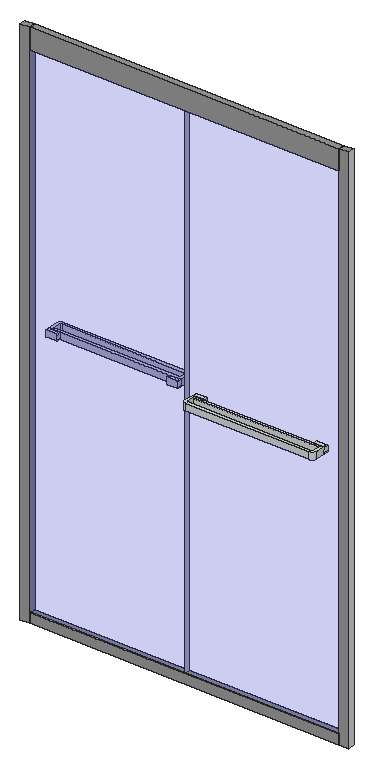
Revit family "MAMPARA ARTEMISA 1200X1950", category Generic Models, Revit 2019
Family settings
  Can host rebar = No
  Round Connector Dimension = Use Diameter
  Part Type = Normal
  Work Plane-Based = No
  Always vertical = Yes
  Cut with Voids When Loaded = No
  Shared = No
  Room Calculation Point = No
Reference planes
  plane 1 "Center (Front/Back)": y = 0
  plane 2: z = 0
  plane 3 "Center (Left/Right)": x = 0
Forms (mm)
  Extrusion 1, solid
    sketch origin (0, 0, 0) x (1, 0, 0) y (0, 0, 1)
      loop
        line (0, 0) -> (35, 0) -> (35, 1950) -> (0, 1950) -> (0, 0)
      loop
        line (1200, 1950) -> (1165, 1950) -> (1165, 0) -> (1200, 0) -> (1200, 1950)
    from 0 to 22.969
  Extrusion 2, solid
    sketch origin (0, 0, 0) x (1, 0, 0) y (0, 0, 1)
      loop
        line (35, 1950) -> (35, 1876) -> (1165, 1876) -> (1165, 1950) -> (35, 1950)
      loop
        line (35, 0) -> (1165, 0) -> (1165, 35) -> (35, 35) -> (35, 0)
    from 0 to 22.969
  Extrusion 3, solid
    sketch origin (0, 0, 0) x (1, 0, 0) y (0, 0, 1)
      loop
        line (35, 1876) -> (35, 35) -> (600, 35) -> (600, 1876) -> (35, 1876)
    from 2.383 to 20.088
  Extrusion 4, solid
    sketch origin (0, 0, 0) x (1, 0, 0) y (0, 0, 1)
      loop
        line (600, 1876) -> (600, 35) -> (1165, 35) -> (1165, 1876) -> (600, 1876)
    from 2.383 to 20.088
  Extrusion 5, solid
    sketch origin (0, 0, 0) x (1, 0, 0) y (0, 0, 1)
      loop
        arc (77.5, 944.587) -> (78.379, 942.466) -> (80.5, 941.587) r 3
        line (80.5, 941.587) -> (114.5, 941.587)
        arc (114.5, 941.587) -> (116.621, 942.466) -> (117.5, 944.587) r 3
        line (117.5, 944.587) -> (117.5, 962.608)
        arc (117.5, 962.608) -> (116.621, 964.729) -> (114.5, 965.608) r 3
        line (114.5, 965.608) -> (80.5, 965.608)
        arc (80.5, 965.608) -> (78.379, 964.729) -> (77.5, 962.608) r 3
        line (77.5, 962.608) -> (77.5, 944.587)
      loop
        line (557.5, 944.587) -> (557.5, 962.608)
        arc (557.5, 962.608) -> (556.621, 964.729) -> (554.5, 965.608) r 3
        line (554.5, 965.608) -> (520.5, 965.608)
        arc (520.5, 965.608) -> (518.379, 964.729) -> (517.5, 962.608) r 3
        line (517.5, 962.608) -> (517.5, 944.587)
        arc (517.5, 944.587) -> (518.379, 942.466) -> (520.5, 941.587) r 3
        line (520.5, 941.587) -> (554.5, 941.587)
        arc (554.5, 941.587) -> (556.621, 942.466) -> (557.5, 944.587) r 3
    from -12.63 to 0
  Extrusion 6, solid
    sketch origin (0, 0, 0) x (1, 0, 0) y (0, 0, 1)
      loop
        arc (642.5, 944.587) -> (643.379, 942.466) -> (645.5, 941.587) r 3
        line (645.5, 941.587) -> (679.5, 941.587)
        arc (679.5, 941.587) -> (681.621, 942.466) -> (682.5, 944.587) r 3
        line (682.5, 944.587) -> (682.5, 962.608)
        arc (682.5, 962.608) -> (681.621, 964.729) -> (679.5, 965.608) r 3
        line (679.5, 965.608) -> (645.5, 965.608)
        arc (645.5, 965.608) -> (643.379, 964.729) -> (642.5, 962.608) r 3
        line (642.5, 962.608) -> (642.5, 944.587)
      loop
        line (1122.5, 944.587) -> (1122.5, 962.608)
        arc (1122.5, 962.608) -> (1121.621, 964.729) -> (1119.5, 965.608) r 3
        line (1119.5, 965.608) -> (1085.5, 965.608)
        arc (1085.5, 965.608) -> (1083.379, 964.729) -> (1082.5, 962.608) r 3
        line (1082.5, 962.608) -> (1082.5, 944.587)
        arc (1082.5, 944.587) -> (1083.379, 942.466) -> (1085.5, 941.587) r 3
        line (1085.5, 941.587) -> (1119.5, 941.587)
        arc (1119.5, 941.587) -> (1121.621, 942.466) -> (1122.5, 944.587) r 3
    from 22.969 to 38.075
  Extrusion 7, solid
    sketch origin (0, 0, 0) x (1, 0, 0) y (0, 1, 0)
      loop
        line (77.5, 12.63) -> (557.5, 12.63) -> (557.5, 47.63)
        arc (557.5, 47.63) -> (553.107, 58.237) -> (542.5, 62.63) r 15
        line (542.5, 62.63) -> (92.5, 62.63)
        arc (92.5, 62.63) -> (81.893, 58.237) -> (77.5, 47.63) r 15
        line (77.5, 47.63) -> (77.5, 12.63)
      loop
        line (87.5, 22.63) -> (547.5, 22.63) -> (547.5, 47.63)
        arc (547.5, 47.63) -> (546.036, 51.166) -> (542.5, 52.63) r 5
        line (542.5, 52.63) -> (92.5, 52.63)
        arc (92.5, 52.63) -> (88.964, 51.166) -> (87.5, 47.63) r 5
        line (87.5, 47.63) -> (87.5, 22.63)
      loop
        line (642.5, -38.075) -> (642.5, -73.075)
        arc (642.5, -73.075) -> (646.893, -83.681) -> (657.5, -88.075) r 15
        line (657.5, -88.075) -> (1107.5, -88.075)
        arc (1107.5, -88.075) -> (1118.107, -83.681) -> (1122.5, -73.075) r 15
        line (1122.5, -73.075) -> (1122.5, -38.075) -> (642.5, -38.075)
      loop
        line (652.5, -48.075) -> (652.5, -73.075)
        arc (652.5, -73.075) -> (653.964, -76.61) -> (657.5, -78.075) r 5
        line (657.5, -78.075) -> (1107.5, -78.075)
        arc (1107.5, -78.075) -> (1111.036, -76.61) -> (1112.5, -73.075) r 5
        line (1112.5, -73.075) -> (1112.5, -48.075) -> (652.5, -48.075)
    from 941.587 to 965.608
Dimensions and locks
  aligned and locked: level to plane 2
